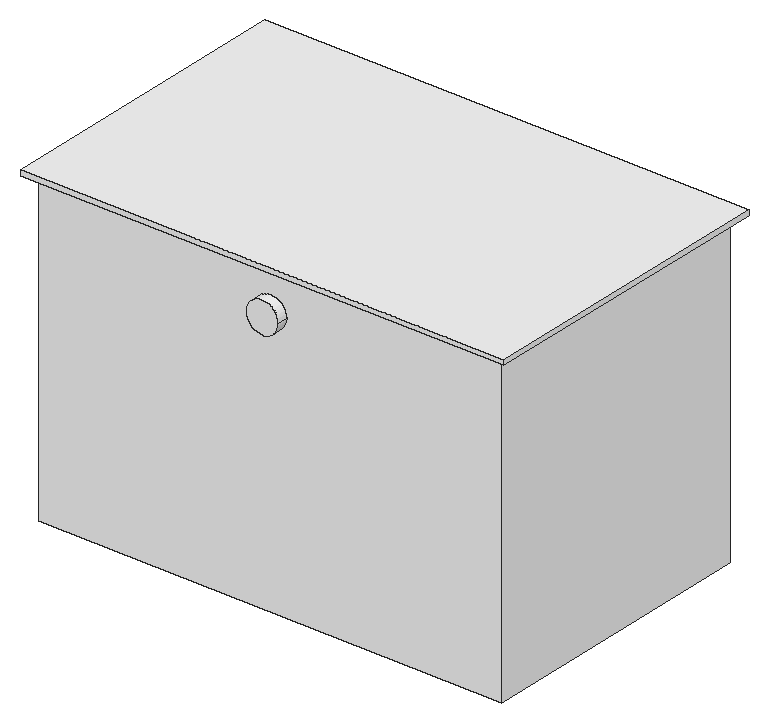
Revit family "Plumbing Fixture-Grease_Interseptor_Mifab_MI-O-HU", category Plumbing Fixtures, host Face, Revit 2013
Parameters (values of type "MI-O-HU-1")
  Water Capacity = "63.12 Gallons"
  WFU = 0
  URL = "www.mifab.com"
  Standard Inlet And Outlet Radii = F / 2  # 1.500"
  Model = "MI-O-HU-1"
  Manufacturer = "MIFAB"
  Interceptor Material = Acid Resistant Epoxy Coated Green
  Flow Rate = "25 GPM"
  F = 3.000"
  E = 30.000"
  Description = "10 to 500 GPM Oil Interceptor with Integral Holding Tank"
  Default Elevation = 0.000"
  D = 25.500"
  C = 4.500"
  B = 46.000"
  Assembly Code = "D2090300"
  A = 29.000"
Types (18): name | Water Capacity | Standard Inlet And Outlet Radii | Model | Flow Rate | F | E | D | C | B | A
  (no name) | "63.12 Gallons" | 1.500" | "MI-O-HU-1" | "25 GPM" | 3.000" | 30.000" | 25.500" | 4.500" | 46.000" | 29.000"
  MI-O-HU-A | "10.66 Gallons" | 1.000" | "MI-O-HU-A" | "10 GPM" | 2.000" | 13.000" | 9.000" | 4.000" | 26.000" | 24.000"
  MI-O-HU-B | "15.06 Gallons" | 1.000" | "MI-O-HU-B" | "15 GPM" | 2.000" | 15.000" | 11.000" | 4.000" | 26.500" | 26.000"
  MI-O-HU-C | "18.08Gallons" | 1.500" | "MI-O-HU-C" | "20 GPM" | 3.000" | 17.500" | 13.500" | 4.000" | 26.500" | 26.000"
  MI-O-HU-1 | "63.12 Gallons" | 1.500" | "MI-O-HU-1" | "25 GPM" | 3.000" | 30.000" | 25.500" | 4.500" | 46.000" | 29.000"
  MI-O-HU-2 | "100.23 Gallons" | 1.500" | "MI-O-HU-2" | "35 GPM" | 3.000" | 31.000" | 26.000" | 5.000" | 44.500" | 37.000"
  MI-O-HU-3 | "163.07 Gallons" | 1.500" | "MI-O-HU-3" | "50 GPM" | 3.000" | 32.000" | 26.000" | 6.000" | 65.500" | 43.000"
  MI-O-HU-4 | "201.89 Gallons" | 2.000" | "MI-O-HU-4" | "75 GPM" | 4.000" | 36.000" | 26.500" | 9.500" | 65.000" | 49.000"
  MI-O-HU-5 | "302.91 Gallons" | 2.000" | "MI-O-HU-5" | "100 GPM" | 4.000" | 36.000" | 26.500" | 9.500" | 90.000" | 58.000"
  MI-O-HU-6 | "344.42 Gallons" | 2.000" | "MI-O-HU-6" | "125 GPM" | 4.000" | 40.000" | 28.000" | 12.000" | 90.000" | 62.000"
  MI-O-HU-7 | "356.85 Gallons" | 2.000" | "MI-O-HU-7" | "150 GPM" | 4.000" | 44.000" | 30.000" | 14.000" | 76.000" | 66.000"
  MI-O-HU-8 | "452.72 Gallons" | 2.000" | "MI-O-HU-8" | "200 GPM" | 4.000" | 48.000" | 30.500" | 17.000" | 90.000" | 73.250"
  MI-O-HU-9 | "588.97 Gallons" | 2.000" | "MI-O-HU-9" | "250 GPM" | 4.000" | 51.000" | 35.500" | 15.500" | 90.000" | 73.250"
  MI-O-HU-10 | "814.82 Gallons" | 3.000" | "MI-O-HU-10" | "300 GPM" | 6.000" | 52.000" | 36.500" | 15.500" | 86.000" | 94.875"
  MI-O-HU-11 | "1066.06 Gallons" | 3.000" | "MI-O-HU-11" | "350 GPM" | 6.000" | 60.000" | 43.500" | 16.500" | 94.000" | 100.875"
  MI-O-HU-12 | "1109.11 Gallons" | 3.000" | "MI-O-HU-12" | "400 GPM" | 6.000" | 60.000" | 43.000" | 17.000" | 91.000" | 107.875"
  MI-O-HU-13 | "1113.05 Gallons" | 3.000" | "MI-O-HU-13" | "450 GPM" | 6.000" | 60.000" | 43.000" | 17.000" | 83.000" | 118.875"
  MI-O-HU-14 | "1240.03 Gallons" | 3.000" | "MI-O-HU-14" | "500 GPM" | 6.000" | 66.000" | 46.000" | 20.000" | 83.000" | 118.875"
Reference planes (in)
  plane 1 "Center (Front/Back)": y = 0
  plane 2: z = 0
  plane 3 "Center (Left/Right)": x = 0
  plane 4: x = -23
  plane 5: y = -14.5
  plane 6: y = 14.5
  plane 7: x = 23
  plane 8: z = -4.5
  plane 9: z = -30
  plane 10: z = -30
  plane 11: z = -0.1345
  plane 12: z = -29.8655
Forms (in)
  Extrusion 1, solid, material "Acid Resistant Epoxy Coated Green" <- "Interceptor Material"
    sketch origin (0, 0, 0) x (1, 0, 0) y (0, 1, 0)
      loop
        line (-23, 14.5) -> (-23, -14.5) -> (23, -14.5) -> (23, 14.5) -> (-23, 14.5)
    from 0 to -0.5
  Extrusion 2, solid, material "Acid Resistant Epoxy Coated Green" <- "Interceptor Material"
    sketch origin (0, 0, 0) x (1, 0, 0) y (0, 1, 0)
      loop
        line (-22, 13.5) -> (-22, -13.5) -> (22, -13.5) -> (22, 13.5) -> (-22, 13.5)
    from 0 to -30
  Extrusion 3, solid, material "Acid Resistant Epoxy Coated Green" <- "Interceptor Material"
    sketch origin (0, 0, 0) x (1, 0, 0) y (0, 0, 1)
      loop
        circle (0, -4.5) r 1.5
    from -14.5 to 14.5
Cuts and joins
  joined: Extrusion 1, Extrusion 2, Extrusion 3
Lines and regions (in)
  symbolic lines
    curve 1: line (-23, 14.5, 0) -> (23, 14.5, 0)
    curve 2: line (-23, -14.5, 0) -> (-23, 14.5, 0)
    curve 3: line (23, -14.5, 0) -> (-23, -14.5, 0)
    curve 4: line (23, 14.5, 0) -> (23, -14.5, 0)
Dimensions and locks (in)
  equal spacing: plane 4, plane 3 "Center (Left/Right)", plane 7
  equal spacing: plane 6, plane 1 "Center (Front/Back)", plane 5
  "B": plane 4 to plane 7
  "A": plane 6 to plane 5
  "C": host face to plane 8
  "D": plane 8 to plane 9
  "E": host face to plane 10
  equal spacing: Extrusion 2 sketch curve, plane 3 "Center (Left/Right)", Extrusion 2 sketch curve
  equal spacing: Extrusion 2 sketch curve, plane 1 "Center (Front/Back)", Extrusion 2 sketch curve
  Extrusion 2 sketch curve to plane 6 = 1.000"
  plane 4 to Extrusion 2 sketch curve = 1.000"
  locked: plane 12 to plane 10 at 0.1345
  locked: host face to plane 11 at 0.1345
  "F": diameter of Extrusion 3 sketch curve
  aligned and locked: plane 2 to host face
  aligned and locked: level to host face
  aligned and locked: Extrusion 1 sketch curve to plane 6
  aligned and locked: plane 4 to Extrusion 1 sketch curve
  aligned and locked: plane 5 to Extrusion 1 sketch curve
  aligned and locked: Extrusion 1 sketch curve to plane 7
  aligned and locked: Extrusion 2 to plane 9
  aligned and locked: Extrusion 3 to plane 5
  aligned and locked: plane 6 to Extrusion 3
  aligned and locked: Extrusion 3 to cut or joined group of Extrusion 1, Extrusion 2, Extrusion 3
  aligned and locked: curve 1 to plane 6
  aligned and locked: plane 4 to curve 2
  aligned and locked: plane 5 to curve 3
  aligned and locked: curve 4 to plane 7
Automatic sketch dimensions
  host sketch curve to host sketch curve = 125.65351"
  host sketch curve to host sketch curve = 125.63852"
  Extrusion 3 sketch curve to plane 3 "Center (Left/Right)" = 0.000"
  Extrusion 3 sketch curve to plane 8 = 0.000"
Connectors (in)
  piping at (0, 14.5, -4.5), driven by "Standard Inlet And Outlet Radii"
    settings: on cut or joined group of Extrusion 1, Extrusion 2, Extrusion 3, index 1, connector radius 1 1/2", flow factor 0, pipe flow 0 GPM, pressure drop 0.00 psi, fitting loss kfactor 0, connector angle 0.00°, fixture units 0, engagement length 0.000", flow configuration 0, flow direction 1, fitting loss method 0, system type 16, joint type 0, gender type 0, connector reference index -1, connector utility 0, adjustable connector no, is connector primary yes, fitting loss table "", connector description "In"
  piping at (0, -14.5, -4.5), driven by "Standard Inlet And Outlet Radii"
    settings: on cut or joined group of Extrusion 1, Extrusion 2, Extrusion 3, index 2, connector radius 1 1/2", flow factor 0, pipe flow 0 GPM, pressure drop 0.00 psi, fitting loss kfactor 0, connector angle 0.00°, fixture units 0, engagement length 0.000", flow configuration 0, flow direction 2, fitting loss method 0, system type 16, joint type 0, gender type 0, connector reference index -1, connector utility 0, adjustable connector no, is connector primary no, fitting loss table "", connector description "Out"
